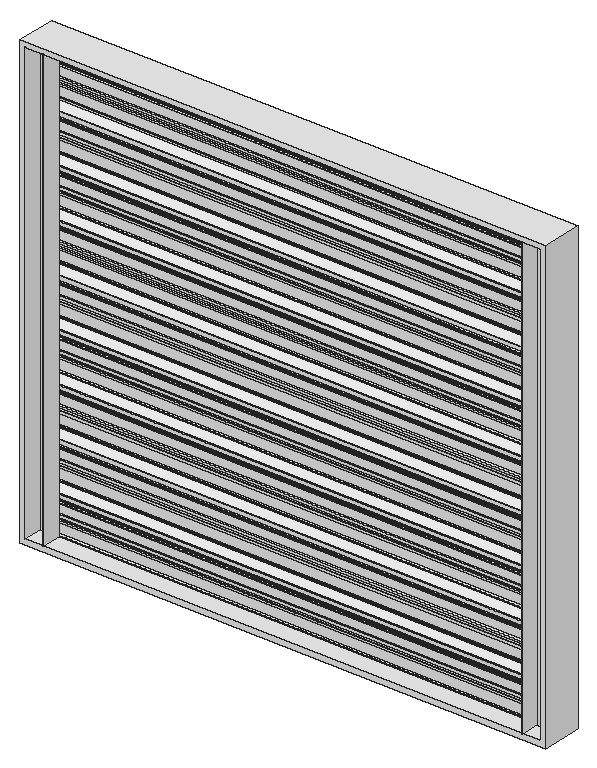
Revit family
Parameters (values of type "Louver_Screen_HZ-200_All-Lite")
  URL = "http://www.alllite-louvers.com"
  Specifications = "http://www.alllite-louvers.com/catalog/AHZ-200-csi-specification.doc"
  Spacing = 0.417 ft
  SmartBIM Object Version = 3  # constant formula
  SmartBIM Object Created By = "Reed Construction Data"  # constant formula
  Shim Thickness = 0.042 ft
  Screen Width = Width - (2 * Shim Thickness)  # 4.583 ft
  Screen Height = Height - (2 * Shim Thickness) - 0.198333 ft  # 3.717667 ft
  Screen = Aluminum
  Rough Width = 0.0 ft
  Rough Height = 0.0 ft
  Product URL = "http://www.alllite-louvers.com/catalog.php?model=HZ-200"
  Pressure Loss (in.wg.) = "N/A"  # constant formula
  OmniClass Title = "Exterior Louvers and Grilles"  # constant formula
  OmniClass Code = "23-60 11 17"  # constant formula
  Mullion Height = Height - (2 * Shim Thickness) - 0.145833 ft  # 3.770167 ft
  Model Number = "HZ-200"  # constant formula
  Minimum Size = "12\" x 12\""
  Maximum Size - Single Section = "72\" x 144\" or 144\"x 72\""
  Maximum Size - Multiple Section = "Unlimited"
  Manufacturer = "All-Lite"  # constant formula
  Louver Width = Width - (2 * Shim Thickness)  # 4.583 ft
  Louver = Mill finish, 6063-T5 Extruded Aluminum
  Height = 4.0 ft
  Free Area for 48”x48” Louver = "19.4%"
  Free Area Velocity (fpm) = "N/A"  # constant formula
  Free Area (ft²) for 48"x48" Louver = 3.1 ft
  Frame = Mill finish, 6063-T5 Extruded Aluminum
  Default Sill Height = 3.0 ft
  Wall Closure = (empty or 0)
  Width = 4.667 ft
  Cut Sheet = "http://www.alllite-louvers.com/catalog/AHZ200.pdf"
  Assembly Code = "B2010300"
  Air Volume Delivered (cfm) = "N/A"  # constant formula
  95 CSI = "10200 "  # constant formula
  04 CSI = "08 91 00"  # constant formula
  # of Louvers = (Height - 0.25 ft) / (Spacing)  # 9
Reference planes (ft)
  plane 1 "Center (Front/Back)": y = 0
  plane 2: z = 0.291667
  plane 3 "Center (Left/Right)": x = 0
  plane 4 "Left": x = -2.3335
  plane 5 "Right": x = 2.3335
  plane 6 "Sill": z = 3.291667
  plane 7 "Top": z = 7.291667
  plane 8: x = -2.2915
  plane 9: x = 2.2915
  plane 10: z = 7.249667
  plane 11: z = 3.333667
  plane 12: z = 5.291667
  plane 13: z = 5.0625
  plane 14: y = 0.333333
Forms (ft)
  Sweep 1, solid, material "Mill finish, 6063-T5 Extruded Aluminum" <- "Frame"
    path origin (-5, 0.333333, 0) x (-1, 0, 0) y (0, 0, 1)
      loop
        line (-7.2915, 3.333667) -> (-7.2915, 7.249667)
    profile "Vertical Mullion : Vertical Mullion" origin (2.2915, 0.333333, 5.291667) x (1, 0, 0) y (0, 1, 0)
      loop
        line (-0.166667, -0.1875) -> (-0.166667, -0.354167) -> (-0.160156, -0.354167) -> (-0.160156, -0.19401) -> (0, -0.19401) -> (0, -0.1875) -> (-0.166667, -0.1875)
  Sweep 2, solid, material "Mill finish, 6063-T5 Extruded Aluminum" <- "Frame"
    path origin (5, 0.333333, 0) x (1, 0, 0) y (0, 0, -1)
      loop
        line (-7.2915, -3.333667) -> (-7.2915, -7.249667)
    profile "Vertical Mullion : Vertical Mullion" origin (-2.2915, 0.333333, 5.291667) x (1, 0, 0) y (0, 1, 0)
      loop
        line (0.166667, -0.1875) -> (0, -0.1875) -> (0, -0.19401) -> (0.160156, -0.19401) -> (0.160156, -0.354167) -> (0.166667, -0.354167) -> (0.166667, -0.1875)
  Sweep 3, solid, material "Mill finish, 6063-T5 Extruded Aluminum" <- "Frame"
    path origin (-5, 0.333333, 0) x (-1, 0, 0) y (0, 0, 1)
      loop
        line (-2.6665, 7.291667) -> (-7.3335, 7.291667) -> (-7.3335, 3.291667) -> (-2.6665, 3.291667) -> (-2.6665, 7.291667)
    profile origin (-2.3335, 0.333333, 5.291667) x (0, 1, 0) y (-1, 0, 0)
      loop
        line (0, 0) -> (-0.354167, 0) -> (-0.354167, -0.042) -> (0, -0.042) -> (0, 0)
Cuts and joins
  joined: Sweep 1, Sweep 2
Lines and regions (ft)
  Opening 1
    outline origin (-5, -0.333333, 0) x (1, 0, 0) y (0, 0, 1)
      loop
        line (2.6665, 7.291667) -> (2.6665, 3.291667) -> (7.3335, 3.291667) -> (7.3335, 7.291667) -> (2.6665, 7.291667)
  Masking region 1, detail levels coarse+medium
    outline origin (0, 0, 0) x (1, 0, 0) y (0, 1, 0)
      loop
        line (-2.124833, -0.020833) -> (-2.124833, 0.333333) -> (-2.3335, 0.333333) -> (-2.3335, -0.020833) -> (-2.124833, -0.020833)
      loop
        line (2.124833, -0.020833) -> (2.3335, -0.020833) -> (2.3335, 0.333333) -> (2.124833, 0.333333) -> (2.124833, -0.020833)
  Masking region 2, detail levels fine
    outline origin (0, 0, 0) x (1, 0, 0) y (0, 1, 0)
      loop
        line (2.124833, 0.145833) -> (2.124833, -0.020833) -> (2.131344, -0.020833) -> (2.131344, 0.139323) -> (2.2915, 0.139323) -> (2.2915, 0.145833) -> (2.124833, 0.145833)
      loop
        line (-2.2915, 0.139323) -> (-2.131344, 0.139323) -> (-2.131344, -0.020833) -> (-2.124833, -0.020833) -> (-2.124833, 0.145833) -> (-2.2915, 0.145833) -> (-2.2915, 0.139323)
Text (ft)
  text "EXTERIOR" at (-4.890733, 4.242245, 0), in view "Ref. Level"
  text "INTERIOR" at (-4.890733, -3.147199, 0), in view "Ref. Level"
  text "Exterior" at (0, 3.638026, 10.266337), in view "Left"
  text "Exterior" at (0, 1.524487, 10.420622), in view "Right"
Dimensions and locks (ft)
  equal spacing: plane 4 "Left", plane 3 "Center (Left/Right)", plane 5 "Right"
  "Width": plane 4 "Left" to plane 5 "Right"
  "Height": plane 6 "Sill" to plane 7 "Top"
  "Default Sill Height": plane 2 to plane 6 "Sill"
  "Shim Thickness": plane 4 "Left" to plane 8
  "Shim Thickness": plane 9 to plane 5 "Right"
  "Shim Thickness": plane 10 to plane 7 "Top"
  "Shim Thickness": plane 6 "Sill" to plane 11
  equal spacing: plane 11, plane 12, plane 10
  equal spacing: group 1, group 3, group 4, group 5, group 6, group 7, group 8, group 9, group 2  (x2)
  equal spacing: group 2, group 9, group 8, group 7, group 6, group 5, group 4, group 3, group 1
  aligned and locked: plane 7 "Top" to Opening 1 sketch curve
  aligned and locked: plane 6 "Sill" to Opening 1 sketch curve  (x2)
  aligned and locked: plane 5 "Right" to Opening 1 sketch curve
  aligned and locked: plane 4 "Left" to Opening 1 sketch curve
  aligned and locked: plane 9 to Sweep 1 sketch curve
  aligned and locked: Sweep 2 sketch curve to plane 8
  aligned and locked: Sweep 3 sketch curve to plane 4 "Left"
  aligned and locked: Sweep 3 sketch curve to plane 7 "Top"
  aligned and locked: Sweep 3 sketch curve to plane 6 "Sill"
  aligned and locked: Sweep 3 sketch curve to plane 5 "Right"
  aligned and locked: Sweep 3 sketch curve to host wall  (x2)
  aligned and locked: plane 8 to Sweep 3 sketch curve
  aligned and locked: plane 10 to Sweep 2 sketch curve
  aligned and locked: profile plane to host wall
  aligned and locked: plane 11 to Sweep 1 sketch curve
  aligned and locked: plane 11 to Sweep 2 sketch curve
  aligned and locked: plane 10 to nested 1
  aligned and locked: nested 1 to cut or joined group of Sweep 1, Sweep 2
  aligned and locked: cut or joined group of Sweep 1, Sweep 2 to nested 2
  aligned and locked: plane 11 to nested 2
  aligned and locked: cut or joined group of Sweep 1, Sweep 2 to Sweep 3 sketch curve
  aligned and locked: plane 3 "Center (Left/Right)" to nested 1
  aligned and locked: plane 3 "Center (Left/Right)" to nested 2
  aligned and locked: Masking region 1 sketch curve to cut or joined group of Sweep 1, Sweep 2  (x3)
  aligned and locked: Masking region 1 sketch curve to host wall  (x3)
  aligned and locked: host wall to Masking region 1 sketch curve
  aligned and locked: cut or joined group of Sweep 1, Sweep 2 to Masking region 1 sketch curve
  aligned and locked: Masking region 2 sketch curve to cut or joined group of Sweep 1, Sweep 2  (x6)
  aligned and locked: Masking region 2 sketch curve to Sweep 3
  aligned and locked: Sweep 3 to Masking region 2 sketch curve  (x3)
Automatic sketch dimensions
  Sweep 1 sketch curve to plane 10 = 0.0 ft
  Masking region 2 sketch curve to Masking region 2 sketch curve = 0.00651 ft  (x2)
Nested families (ft)
  nested 1: "Louver Single" at (0, 0.29499, 6.813482), type "Louver"
    with Louver Length 4.583 ft
  nested 2: "Louver Single" at (0, 0.29499, 3.333667), type "Louver"
    with Louver Length 4.583 ft
  nested 3: "Louver Single" at (0, 0.29499, 6.378505), type "Louver"
    with Louver Length 4.583 ft
  nested 4: "Louver Single" at (0, 0.29499, 5.943528), type "Louver"
    with Louver Length 4.583 ft
  nested 5: "Louver Single" at (0, 0.29499, 5.508551), type "Louver"
    with Louver Length 4.583 ft
  nested 6: "Louver Single" at (0, 0.29499, 5.073574), type "Louver"
    with Louver Length 4.583 ft
  nested 7: "Louver Single" at (0, 0.29499, 4.638597), type "Louver"
    with Louver Length 4.583 ft
  nested 8: "Louver Single" at (0, 0.29499, 4.20362), type "Louver"
    with Louver Length 4.583 ft
  nested 9: "Louver Single" at (0, 0.29499, 3.768644), type "Louver"
    with Louver Length 4.583 ft
Definition of nested family "Louver Single"
  Parameters (values of type "Louver")
    Louver Length = 2.75 ft
    Depth = 0.156576 ft
    Louver Single = yes
    Louver = none
    Assembly Code = ""
  Reference planes (ft)
    plane 1 "Center (Front/Back)": y = -0.085938
    plane 2: z = 0
    plane 3 "Center (Left/Right)": x = 0
    plane 4: x = -1.375
    plane 5: x = 1.375
    plane 6: y = -0.149157
    plane 7: z = 0.436185
  Forms (ft)
    Extrusion 1, solid, material <- "Louver"
      sketch origin (0, 3.209987, -0.555268) x (0, 1, 0) y (0, 0, 1)
        loop
          line (-3.179457, 0.98364) -> (-3.179457, 0.898043) -> (-3.194617, 0.892527) -> (-3.194617, 0.903048) -> (-3.215451, 0.903048) -> (-3.215451, 0.895235) -> (-3.203156, 0.895235) -> (-3.203156, 0.88942) -> (-3.323314, 0.845703) -> (-3.323314, 0.870625) -> (-3.316517, 0.870625) -> (-3.316517, 0.876572) -> (-3.330197, 0.876572) -> (-3.330197, 0.843423) -> (-3.340804, 0.839909) -> (-3.340804, 0.835874) -> (-3.359144, 0.835874) -> (-3.359144, 0.828061) -> (-3.338009, 0.828061) -> (-3.338009, 0.737983) -> (-3.359144, 0.737983) -> (-3.359144, 0.717342) -> (-3.351332, 0.717342) -> (-3.351332, 0.730171) -> (-3.340804, 0.730171) -> (-3.340804, 0.683923) -> (-3.351332, 0.683923) -> (-3.351332, 0.6921) -> (-3.359144, 0.6921) -> (-3.359144, 0.674632) -> (-3.338009, 0.674632) -> (-3.338009, 0.573585) -> (-3.359144, 0.573585) -> (-3.359144, 0.564966) -> (-3.340804, 0.564966) -> (-3.340804, 0.555268) -> (-3.31895, 0.555268) -> (-3.31895, 0.562911) -> (-3.330197, 0.562911) -> (-3.330197, 0.834253) -> (-3.171644, 0.886774) -> (-3.171644, 0.991453) -> (-3.193751, 0.991453) -> (-3.193751, 0.98364) -> (-3.179457, 0.98364)
      from -1.375 to 1.375
  Dimensions and locks (ft)
    equal spacing: plane 4, plane 3 "Center (Left/Right)", plane 5
    "Louver Length": plane 4 to plane 5
    aligned and locked: Extrusion 1 to plane 4
    aligned and locked: plane 5 to Extrusion 1
    aligned: Extrusion 1 to plane 6
  Automatic sketch dimensions
    Extrusion 1 sketch curve to plane 6 = 0.0 ft  (x4)
    Extrusion 1 sketch curve to Extrusion 1 sketch curve = 0.007812 ft  (x5)
    plane 6 to Extrusion 1 sketch curve = 0.007813 ft
    plane 6 to Extrusion 1 sketch curve = 0.01834 ft  (x2)
    Extrusion 1 sketch curve to Extrusion 1 sketch curve = 0.010528 ft
    Extrusion 1 sketch curve to Extrusion 1 sketch curve = 0.002794 ft  (x2)
    Extrusion 1 sketch curve to Extrusion 1 sketch curve = 0.007813 ft  (x2)
    plane 6 to Extrusion 1 sketch curve = 0.028947 ft
    Extrusion 1 sketch curve to Extrusion 1 sketch curve = 0.006883 ft
    Extrusion 1 sketch curve to Extrusion 1 sketch curve = 0.011247 ft
    Extrusion 1 sketch curve to Extrusion 1 sketch curve = 0.006797 ft
    Extrusion 1 sketch curve to Extrusion 1 sketch curve = 0.012295 ft
    Extrusion 1 sketch curve to Extrusion 1 sketch curve = 0.007643 ft
    Extrusion 1 sketch curve to Extrusion 1 sketch curve = 0.009698 ft
    Extrusion 1 sketch curve to Extrusion 1 sketch curve = 0.008619 ft
    Extrusion 1 sketch curve to Extrusion 1 sketch curve = 0.101047 ft
    Extrusion 1 sketch curve to Extrusion 1 sketch curve = 0.009291 ft
    Extrusion 1 sketch curve to Extrusion 1 sketch curve = 0.008177 ft
    Extrusion 1 sketch curve to Extrusion 1 sketch curve = 0.025243 ft
    Extrusion 1 sketch curve to Extrusion 1 sketch curve = 0.012828 ft
    Extrusion 1 sketch curve to Extrusion 1 sketch curve = 0.090078 ft
    Extrusion 1 sketch curve to Extrusion 1 sketch curve = 0.006191 ft
    Extrusion 1 sketch curve to Extrusion 1 sketch curve = 0.004035 ft
    Extrusion 1 sketch curve to Extrusion 1 sketch curve = 0.00917 ft
    Extrusion 1 sketch curve to Extrusion 1 sketch curve = 0.00228 ft
    Extrusion 1 sketch curve to Extrusion 1 sketch curve = 0.024922 ft
    Extrusion 1 sketch curve to Extrusion 1 sketch curve = 0.005947 ft
    Extrusion 1 sketch curve to Extrusion 1 sketch curve = 0.012848 ft
    Extrusion 1 sketch curve to Extrusion 1 sketch curve = 0.002647 ft
    Extrusion 1 sketch curve to Extrusion 1 sketch curve = 0.003107 ft
    Extrusion 1 sketch curve to Extrusion 1 sketch curve = 0.005815 ft
    Extrusion 1 sketch curve to Extrusion 1 sketch curve = 0.011269 ft
    Extrusion 1 sketch curve to Extrusion 1 sketch curve = 0.080592 ft
    Extrusion 1 sketch curve to Extrusion 1 sketch curve = 0.008539 ft
    level to Extrusion 1 sketch curve = 0.0 ft
    Extrusion 1 sketch curve to plane 1 "Center (Front/Back)" = 0.080474 ft
    Extrusion 1 sketch curve to Extrusion 1 sketch curve = 0.000867 ft
    Extrusion 1 sketch curve to Extrusion 1 sketch curve = 0.015161 ft
